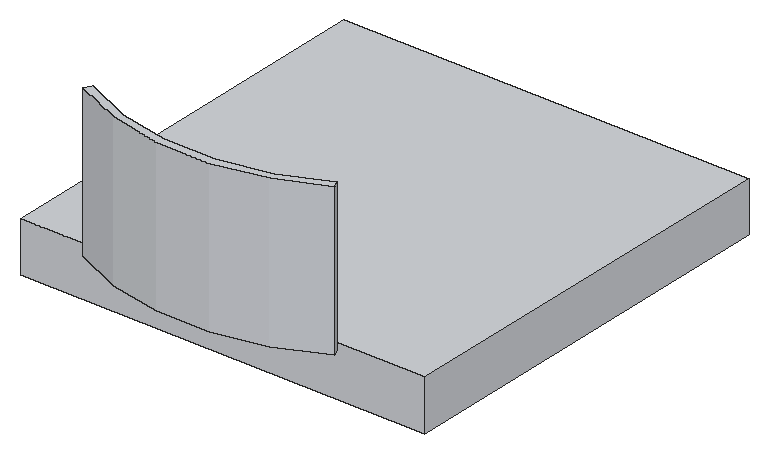
Revit family
Parameters
  Width = 0' - 1 15/16"
  URL = "www.coldspringgranite.com"
  TypicalJointSize = 0' - 0 1/4"
  TopJointOff = no
  TopJoint = if(TopJointOff, 0' 0", TypicalJointSize / 2)  # 0' - 0 1/8"
  StoneMaterial = none
  StoneAngle = 60.00°
  RightJointOff = no
  RightJointFrontAngle = 2 * (asin(RightJoint / (2 * OutsideRadius)))  # 0.119366°
  RightJointBackAngle = 2 * (asin(RightJoint / (2 * InsideRadius)))  # 0.123349°
  RightJoint = if(RightJointOff, 0' 0", TypicalJointSize / 2)  # 0' - 0 1/8"
  Product Name = "Wall Facing Stone Panels - Radial - Convex with Square Edges"
  Product Documentation Link = "http://www.coldspringgranite.com/BIM_Families/Family_Detail/Wall_Facing_Stone_Panels_-_Radial_-_Convex_with_Square_Edges/"
  PhoneNumber = "800-551-7502"
  OutsideRise = OutsideRadius - (OutsideRadius * cos(StoneAngle / 2))  # 0' - 8.03848"
  OutsideRadius = 5' - 0"
  Notes = ""
  Model = "N/A"
  Manufacturer = "Cold Spring Granite Company"
  Low Emitting Material = yes
  Low Emitting Finish = yes
  Location = "17482 Granite West Road, Cold Spring, MN  56320-4578"
  Length = 2 * (OutsideRadius * sin(StoneAngle / 2))  # 5' - 0"
  LeftJointOff = no
  LeftJointFrontAngle = 2 * (asin(LeftJoint / (2 * OutsideRadius)))  # 0.119366°
  LeftJointBackAngle = 2 * (asin(LeftJoint / (2 * InsideRadius)))  # 0.123349°
  LeftJoint = if(LeftJointOff, 0' 0", TypicalJointSize / 2)  # 0' - 0 1/8"
  LEED Credit = ""
  Keynote = "044256"
  InsideRise = InsideRadius - (InsideRadius * cos(StoneAngle / 2))  # 0' - 7.7789"
  InsideRadius = OutsideRadius - Width  # 4' - 10 1/16"
  Height = 3' - 0"
  FrontHalfLengthRight = OutsideRadius * sin((StoneAngle - (RightJointFrontAngle * 2)) / 2)  # 2' - 5.89168"
  FrontHalfLengthLeft = OutsideRadius * sin((StoneAngle - (LeftJointFrontAngle * 2)) / 2)  # 2' - 5.89168"
  Description = "Concex Radial Wall Facing"
  Default Elevation = 0' - 0"
  BottomJointOff = no
  BottomJoint = if(BottomJointOff, 0' 0", TypicalJointSize / 2)  # 0' - 0 1/8"
  BackHalfLengthRight = InsideRadius * sin((StoneAngle - (RightJointBackAngle * 2)) / 2)  # 2' - 4.92293"
  BackHalfLengthLeft = InsideRadius * sin((StoneAngle - (LeftJointBackAngle * 2)) / 2)  # 2' - 4.92293"
  BackHalfLength = InsideRadius * sin(StoneAngle / 2)  # 2' - 5 1/32"
  Assembly Code = "B2010160"
  ActualOutsideRiseRight = OutsideRadius - (OutsideRadius * cos((StoneAngle - (RightJointFrontAngle * 2)) / 2))  # 0' - 7.97609"
  ActualOutsideRiseLeft = OutsideRadius - (OutsideRadius * cos((StoneAngle - (LeftJointFrontAngle * 2)) / 2))  # 0' - 7.97609"
  ActualInsideRiseRight = InsideRadius - (InsideRadius * cos((StoneAngle - (RightJointBackAngle * 2)) / 2))  # 0' - 7.71652"
  ActualInsideRiseLeft = InsideRadius - (InsideRadius * cos((StoneAngle - (LeftJointBackAngle * 2)) / 2))  # 0' - 7.71652"
Reference planes (in)
  plane 1 "Center (Front/Back)": y = 0
  plane 2: z = 0
  plane 3 "Center (Left/Right)": x = 0
  plane 4 "StoneLeftBack": x = -28.92293
  plane 5 "LeftBack": x = -29.03125
  plane 6 "StoneLeftFront": x = -29.89168
  plane 7 "LeftFront": x = -30
  plane 8 "StoneRightBack": x = 28.92293
  plane 9 "RightBack": x = 29.03125
  plane 10 "StoneRightFront": x = 29.89168
  plane 11 "RightFront": x = 30
  plane 12 "FrontEnds": y = -51.96152
  plane 13 "BackEnds": y = -50.2836
  plane 14 "FrontCenter": y = -60
  plane 15 "BackCenter": y = -58.0625
  plane 16 "FrontLeft": y = -52.02391
  plane 17 "BackLeft": y = -50.34598
  plane 18 "FrontRight": y = -52.02391
  plane 19 "BackRight": y = -50.34598
  plane 20 "StoneBottom": z = 0.125
  plane 21 "StoneTop": z = 35.875
  plane 22 "Top": z = 36
Forms (in)
  Extrusion 1, solid
    sketch origin (0, 0, 0) x (1, 0, 0) y (0, 1, 0)
      loop
        line (-48, 48) -> (-48, -48) -> (48, -48) -> (48, 48) -> (-48, 48)
    from 0 to -12
  Extrusion 2, solid, material <- "StoneMaterial", detail levels coarse
    sketch origin (0, 0, 0) x (1, 0, 0) y (0, 1, 0)
      loop
        arc (-30, -51.96152) -> (0, -60) -> (30, -51.96152) r 60
        line (30, -51.96152) -> (29.03125, -50.2836)
        arc (29.03125, -50.2836) -> (0, -58.0625) -> (-29.03125, -50.2836) r 58.0625
        line (-29.03125, -50.2836) -> (-30, -51.96152)
    from 0 to 36
  Extrusion 3, solid, material <- "StoneMaterial", detail levels medium+fine
    sketch origin (0, 0, 0) x (1, 0, 0) y (0, 1, 0)
      loop
        line (-28.92293, -50.34598) -> (-29.89168, -52.02391)
        arc (-29.89168, -52.02391) -> (0, -60) -> (29.89168, -52.02391) r 60
        line (29.89168, -52.02391) -> (28.92293, -50.34598)
        arc (28.92293, -50.34598) -> (0, -58.0625) -> (-28.92293, -50.34598) r 58.0625
    from 0.125 to 35.875
Lines and regions (in)
  Masking region 1, detail levels coarse
    outline origin (0, 0, 0) x (1, 0, 0) y (0, 1, 0)
      loop
        arc (-30, -51.96152) -> (0, -60) -> (30, -51.96152) r 60
        line (30, -51.96152) -> (29.03125, -50.2836)
        arc (29.03125, -50.2836) -> (0, -58.0625) -> (-29.03125, -50.2836) r 58.0625
        line (-29.03125, -50.2836) -> (-30, -51.96152)
  Masking region 2, detail levels medium+fine
    outline origin (0, 0, 0) x (1, 0, 0) y (0, 1, 0)
      loop
        arc (-29.89168, -52.02391) -> (0, -60) -> (29.89168, -52.02391) r 60
        line (29.89168, -52.02391) -> (28.92293, -50.34598)
        arc (28.92293, -50.34598) -> (0, -58.0625) -> (-28.92293, -50.34598) r 58.0625
        line (-28.92293, -50.34598) -> (-29.89168, -52.02391)
  Masking region 3, detail levels coarse
    outline origin (0, -60, 0) x (-1, 0, 0) y (0, 0, 1)
      loop
        line (30, 0) -> (30, 36) -> (-30, 36) -> (-30, 0) -> (30, 0)
  Masking region 4, detail levels coarse
    outline origin (0, -50.2836, 0) x (-1, 0, 0) y (0, 0, 1)
      loop
        line (29.03125, 0) -> (29.03125, 36) -> (-29.03125, 36) -> (-29.03125, 0) -> (29.03125, 0)
  Masking region 5, detail levels medium+fine
    outline origin (0, -60, 0) x (-1, 0, 0) y (0, 0, 1)
      loop
        line (29.89168, 0.125) -> (29.89168, 35.875) -> (-29.89168, 35.875) -> (-29.89168, 0.125) -> (29.89168, 0.125)
  Masking region 6, detail levels medium+fine
    outline origin (0, -50.2836, 0) x (-1, 0, 0) y (0, 0, 1)
      loop
        line (28.92293, 0.125) -> (28.92293, 35.875) -> (-28.92293, 35.875) -> (-28.92293, 0.125) -> (28.92293, 0.125)
  Masking region 7, detail levels coarse
    outline origin (0, 0, 0) x (0, 1, 0) y (0, 0, 1)
      loop
        line (-50.2836, 0) -> (-50.2836, 36) -> (-60, 36) -> (-60, 0) -> (-50.2836, 0)
  Masking region 8, detail levels fine
    outline origin (0, 0, 0) x (0, 1, 0) y (0, 0, 1)
      loop
        line (-58.0625, 0.125) -> (-58.0625, 35.875) -> (-60, 35.875) -> (-60, 0.125) -> (-58.0625, 0.125)
  Masking region 9, detail levels medium
    outline origin (-30, 0, 0) x (0, -1, 0) y (0, 0, 1)
      loop
        line (50.34598, 35.875) -> (50.34598, 0.125) -> (60, 0.125) -> (60, 35.875) -> (50.34598, 35.875)
  Masking region 10, detail levels medium
    outline origin (30, 0, 0) x (0, -1, 0) y (0, 0, 1)
      loop
        line (50.34598, 35.875) -> (50.34598, 0.125) -> (60, 0.125) -> (60, 35.875) -> (50.34598, 35.875)
  symbolic lines, detail levels coarse
    curve 1: line (0, -51.96152, 36) -> (0, -51.96152, 0)
  symbolic lines, detail levels medium
    curve 2: line (-30, -52.02391, 35.875) -> (-30, -52.02391, 0.125)
    curve 3: line (30, -52.02391, 35.875) -> (30, -52.02391, 0.125)
Dimensions and locks (in)
  "Height": plane 22 "Top" to plane 2
  "BottomJoint": plane 20 "StoneBottom" to plane 2
  "TopJoint": plane 22 "Top" to plane 21 "StoneTop"
  "OutsideRadius": plane 14 "FrontCenter" to plane 1 "Center (Front/Back)"
  "Width": plane 15 "BackCenter" to plane 14 "FrontCenter"
  "InsideRise": plane 13 "BackEnds" to plane 15 "BackCenter"
  "OutsideRise": plane 12 "FrontEnds" to plane 14 "FrontCenter"
  "ActualOutsideRiseLeft": plane 16 "FrontLeft" to plane 14 "FrontCenter"
  "ActualInsideRiseLeft": plane 17 "BackLeft" to plane 15 "BackCenter"
  "ActualOutsideRiseRight": plane 18 "FrontRight" to plane 14 "FrontCenter"
  "ActualInsideRiseRight": plane 19 "BackRight" to plane 15 "BackCenter"
  "BackHalfLengthLeft": plane 4 "StoneLeftBack" to plane 3 "Center (Left/Right)"
  "BackHalfLengthRight": plane 3 "Center (Left/Right)" to plane 8 "StoneRightBack"
  "BackHalfLength": plane 5 "LeftBack" to plane 3 "Center (Left/Right)"
  "BackHalfLength": plane 3 "Center (Left/Right)" to plane 9 "RightBack"
  "FrontHalfLengthLeft": plane 6 "StoneLeftFront" to plane 3 "Center (Left/Right)"
  "FrontHalfLengthRight": plane 3 "Center (Left/Right)" to plane 10 "StoneRightFront"
  equal spacing: plane 7 "LeftFront", plane 3 "Center (Left/Right)", plane 11 "RightFront"
  "Length": plane 7 "LeftFront" to plane 11 "RightFront"
  "InsideRadius": radius of Extrusion 2 sketch curve
  "OutsideRadius": radius of Extrusion 2 sketch curve
  "InsideRadius": radius of Extrusion 3 sketch curve
  "OutsideRadius": radius of Extrusion 3 sketch curve
  "InsideRadius": radius of Masking region 1 sketch curve
  "OutsideRadius": radius of Masking region 1 sketch curve
  "InsideRadius": radius of Masking region 2 sketch curve
  "OutsideRadius": radius of Masking region 2 sketch curve
  aligned and locked: plane 2 to Extrusion 1
  aligned and locked: level to Extrusion 1
  aligned and locked: plane 12 "FrontEnds" to Extrusion 2 sketch curve  (x2)
  aligned and locked: plane 5 "LeftBack" to Extrusion 2 sketch curve
  aligned and locked: plane 13 "BackEnds" to Extrusion 2 sketch curve  (x2)
  aligned and locked: plane 7 "LeftFront" to Extrusion 2 sketch curve
  aligned and locked: plane 11 "RightFront" to Extrusion 2 sketch curve
  aligned and locked: plane 9 "RightBack" to Extrusion 2 sketch curve
  aligned and locked: Extrusion 2 to plane 2
  aligned and locked: plane 22 "Top" to Extrusion 2
  aligned and locked: plane 16 "FrontLeft" to Extrusion 3 sketch curve
  aligned and locked: plane 10 "StoneRightFront" to Extrusion 3 sketch curve
  aligned and locked: plane 6 "StoneLeftFront" to Extrusion 3 sketch curve
  aligned and locked: plane 18 "FrontRight" to Extrusion 3 sketch curve
  aligned and locked: plane 8 "StoneRightBack" to Extrusion 3 sketch curve
  aligned and locked: plane 19 "BackRight" to Extrusion 3 sketch curve
  aligned and locked: plane 4 "StoneLeftBack" to Extrusion 3 sketch curve
  aligned and locked: plane 17 "BackLeft" to Extrusion 3 sketch curve
  aligned and locked: Extrusion 3 to plane 20 "StoneBottom"
  aligned and locked: plane 21 "StoneTop" to Extrusion 3
  aligned and locked: plane 12 "FrontEnds" to Masking region 1 sketch curve  (x2)
  aligned and locked: plane 13 "BackEnds" to Masking region 1 sketch curve  (x2)
  aligned and locked: plane 7 "LeftFront" to Masking region 1 sketch curve
  aligned and locked: plane 5 "LeftBack" to Masking region 1 sketch curve
  aligned and locked: plane 9 "RightBack" to Masking region 1 sketch curve
  aligned and locked: plane 11 "RightFront" to Masking region 1 sketch curve
  aligned and locked: plane 6 "StoneLeftFront" to Masking region 2 sketch curve
  aligned and locked: plane 16 "FrontLeft" to Masking region 2 sketch curve
  aligned and locked: plane 17 "BackLeft" to Masking region 2 sketch curve
  aligned and locked: plane 18 "FrontRight" to Masking region 2 sketch curve
  aligned and locked: plane 4 "StoneLeftBack" to Masking region 2 sketch curve
  aligned and locked: plane 10 "StoneRightFront" to Masking region 2 sketch curve
  aligned and locked: plane 8 "StoneRightBack" to Masking region 2 sketch curve
  aligned and locked: plane 19 "BackRight" to Masking region 2 sketch curve
  aligned and locked: Masking region 3 sketch curve to plane 2
  aligned and locked: Masking region 3 sketch curve to plane 22 "Top"
  aligned and locked: Masking region 3 sketch curve to plane 7 "LeftFront"
  aligned and locked: Masking region 3 sketch curve to plane 11 "RightFront"
  aligned and locked: Masking region 4 sketch curve to plane 2
  aligned and locked: Masking region 4 sketch curve to plane 22 "Top"
  aligned and locked: Masking region 4 sketch curve to plane 5 "LeftBack"
  aligned and locked: Masking region 4 sketch curve to plane 9 "RightBack"
  aligned and locked: Masking region 5 sketch curve to plane 20 "StoneBottom"
  aligned and locked: Masking region 5 sketch curve to plane 21 "StoneTop"
  aligned and locked: Masking region 5 sketch curve to plane 6 "StoneLeftFront"
  aligned and locked: Masking region 5 sketch curve to plane 10 "StoneRightFront"
  aligned and locked: Masking region 6 sketch curve to plane 20 "StoneBottom"
  aligned and locked: Masking region 6 sketch curve to plane 21 "StoneTop"
  aligned and locked: Masking region 6 sketch curve to plane 4 "StoneLeftBack"
  aligned and locked: Masking region 6 sketch curve to plane 8 "StoneRightBack"
  aligned and locked: plane 2 to Masking region 7 sketch curve
  aligned and locked: plane 22 "Top" to Masking region 7 sketch curve
  aligned and locked: plane 14 "FrontCenter" to Masking region 7 sketch curve
  aligned and locked: plane 13 "BackEnds" to Masking region 7 sketch curve
  aligned and locked: plane 2 to curve 1
  aligned and locked: curve 1 to plane 22 "Top"
  aligned and locked: plane 12 "FrontEnds" to curve 1
  aligned and locked: plane 20 "StoneBottom" to Masking region 8 sketch curve
  aligned and locked: plane 21 "StoneTop" to Masking region 8 sketch curve
  aligned and locked: plane 14 "FrontCenter" to Masking region 8 sketch curve
  aligned and locked: plane 15 "BackCenter" to Masking region 8 sketch curve
  aligned and locked: plane 21 "StoneTop" to Masking region 9 sketch curve
  aligned and locked: plane 20 "StoneBottom" to Masking region 9 sketch curve
  aligned and locked: plane 14 "FrontCenter" to Masking region 9 sketch curve
  aligned and locked: plane 17 "BackLeft" to Masking region 9 sketch curve
  aligned and locked: plane 21 "StoneTop" to Masking region 10 sketch curve
  aligned and locked: plane 20 "StoneBottom" to Masking region 10 sketch curve
  aligned and locked: plane 14 "FrontCenter" to Masking region 10 sketch curve
  aligned and locked: plane 19 "BackRight" to Masking region 10 sketch curve
  aligned and locked: curve 3 to plane 21 "StoneTop"
  aligned and locked: curve 3 to plane 20 "StoneBottom"
  aligned and locked: plane 18 "FrontRight" to curve 3
  aligned and locked: curve 2 to plane 21 "StoneTop"
  aligned and locked: curve 2 to plane 20 "StoneBottom"
  aligned and locked: plane 16 "FrontLeft" to curve 2
Automatic sketch dimensions
  Extrusion 1 sketch curve to Extrusion 1 sketch curve = 8' - 0"  (x2)
Nested families (in)
  nested 1: "CopyRight" at (0, 0, 0), type "CopyRight"
Definition of nested family "CopyRight"
  Parameters (values of type "CopyRight")
    CopyRight = "Cold Spring Granite Company"
  Reference planes (in)
    plane 1: z = 0
